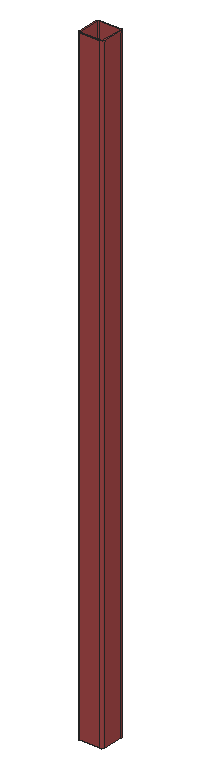
Revit family "CT_Pilar_Aco_Retang", category Structural Columns, Revit 2025
Family settings
  Section Shape = Not Defined
  Material for Model Behavior = Steel
  Always export as geometry = No
  Beam cutback in plan = From bounding box
  OmniClass Number = 23.25.30.11.14.11
  OmniClass Title = Columns
  Cut with Voids When Loaded = No
  Symbolic Representation = From Project Settings
  Shared = No
  Show family pre-cut in plan views = Yes
Parameters (values of type "PIL_010x010_MZN_MET_RET")
  W = 1.51
  Structural Material [instance] = CT_Estrutura_Metalica
  Assembly Code = ""
  Ht = 100 mm
  Shape = "Rect."
  b = 100 mm
  kr = 2 * t  # 10 mm
  t = 5 mm
  A = 0.0183 m²
Reference planes
  plane 1 "Center (Front/Back)": y = 0
  plane 2: z = 0
  plane 3 "Center (Left/Right)": x = 0
  plane 4: x = -50
  plane 5: x = 50
  plane 6: y = 50
  plane 7: y = -50
  plane 8: x = -40
  plane 9: y = -40
  plane 10: y = 40
  plane 11: x = 40
Forms (mm)
  Extrusion 1, solid, material "CT_Estrutura_Metalica" <- "Structural Material", detail levels medium
    sketch origin (0, 0, 0) x (1, 0, 0) y (0, 1, 0)
      loop
        line (-50, 50) -> (-50, -50) -> (50, -50) -> (50, 50) -> (-50, 50)
      loop
        line (-45, 45) -> (-45, -45) -> (45, -45) -> (45, 45) -> (-45, 45)
    from 0 to 2500
  Extrusion 2, solid, material "CT_Estrutura_Metalica" <- "Structural Material", detail levels fine
    sketch origin (0, 0, 0) x (1, 0, 0) y (0, 1, 0)
      loop
        arc (-40, 50) -> (-47.071, 47.071) -> (-50, 40) r 10
        line (-50, 40) -> (-50, -40)
        arc (-50, -40) -> (-47.071, -47.071) -> (-40, -50) r 10
        line (-40, -50) -> (40, -50)
        arc (40, -50) -> (47.071, -47.071) -> (50, -40) r 10
        line (50, -40) -> (50, 40)
        arc (50, 40) -> (47.071, 47.071) -> (40, 50) r 10
        line (40, 50) -> (-40, 50)
      loop
        arc (-40, 45) -> (-43.536, 43.536) -> (-45, 40) r 5
        line (-45, 40) -> (-45, -40)
        arc (-45, -40) -> (-43.536, -43.536) -> (-40, -45) r 5
        line (-40, -45) -> (40, -45)
        arc (40, -45) -> (43.536, -43.536) -> (45, -40) r 5
        line (45, -40) -> (45, 40)
        arc (45, 40) -> (43.536, 43.536) -> (40, 45) r 5
        line (40, 45) -> (-40, 45)
    from 0 to 2500
Lines and regions (mm)
  symbolic lines, style "StructuralColumnStickSymbols", detail levels coarse
    curve 1: line (-50, 50, 0) -> (50, 50, 0)
    curve 2: line (-50, -50, 0) -> (50, -50, 0)
    curve 5: line (-50, 50, 0) -> (-50, -50, 0)
    curve 6: line (50, 50, 0) -> (50, -50, 0)
  symbolic lines, style "Hidden Faces", detail levels medium+fine
    curve 3: line (-45, 0, 0) -> (-45, 0, 2500)
    curve 4: line (45, 0, 2500) -> (45, 0, 0)
    curve 7: line (0, 45, 0) -> (0, 45, 2500)
    curve 8: line (0, -45, 0) -> (0, -45, 2500)
Dimensions and locks
  equal spacing: plane 4, plane 3 "Center (Left/Right)", plane 5
  equal spacing: plane 7, plane 1 "Center (Front/Back)", plane 6
  "Ht": plane 7 to plane 6
  "b": plane 4 to plane 5
  "t": Extrusion 1 sketch curve to plane 5
  "t": plane 4 to Extrusion 1 sketch curve
  "t": Extrusion 1 sketch curve to plane 6
  "t": Extrusion 1 sketch curve to plane 7
  "t": Extrusion 2 sketch curve to plane 6
  "t": Extrusion 2 sketch curve to plane 5
  "t": plane 4 to Extrusion 2 sketch curve
  "t": Extrusion 2 sketch curve to plane 7
  "kr": plane 10 to plane 6
  "kr": plane 7 to plane 9
  "kr": plane 11 to plane 5
  "kr": plane 4 to plane 8
  aligned and locked: plane 6 to Extrusion 1 sketch curve
  aligned and locked: Extrusion 1 sketch curve to plane 7
  aligned and locked: Extrusion 1 sketch curve to plane 4
  aligned and locked: plane 5 to Extrusion 1 sketch curve
  aligned and locked: level to Extrusion 1
  aligned and locked: level to plane 2
  aligned and locked: Extrusion 1 to plane 2
  aligned and locked: curve 1 to Extrusion 2 sketch curve
  aligned and locked: Extrusion 2 sketch curve to Extrusion 1
  aligned and locked: level to Extrusion 2
  aligned and locked: curve 4 to Extrusion 2
  aligned and locked: curve 3 to Extrusion 2
  aligned and locked: Extrusion 2 to curve 7  (x2)
  aligned and locked: Extrusion 2 to curve 8  (x2)
  aligned and locked: curve 7 to Extrusion 1
  aligned and locked: curve 8 to Extrusion 1
Automatic sketch dimensions
  Extrusion 2 sketch curve to plane 8 = 0 mm  (x4)
  Extrusion 2 sketch curve to plane 7 = 0 mm
  Extrusion 2 sketch curve to plane 11 = 0 mm
  Extrusion 2 sketch curve to plane 10 = 0 mm  (x2)
  Extrusion 2 sketch curve to plane 9 = 0 mm  (x2)
  curve 3 to level = 0 mm  (x2)
  curve 4 to level = 0 mm  (x2)
  curve 5 to plane 4 = 0 mm
  curve 2 to plane 5 = 0 mm
  curve 5 to plane 7 = 0 mm
  curve 5 to plane 6 = 0 mm
